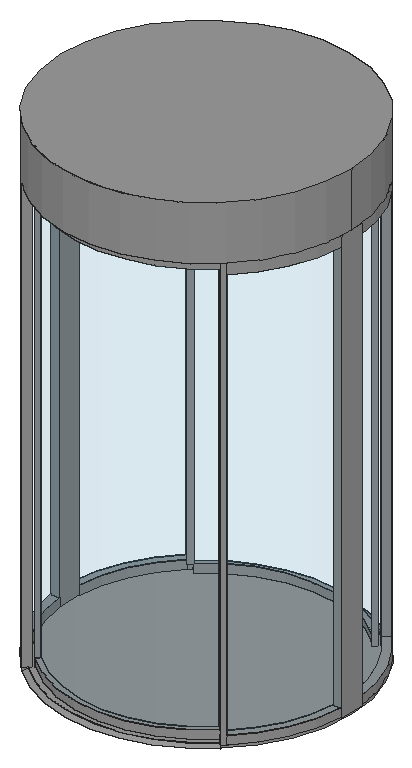
Revit family "C3-R-SD", category Doors, host Wall, Revit 2017
Family settings
  Host = Wall
  OmniClass Number = 23.30.10.00
  OmniClass Title = Doors
  Always vertical = Yes
  Cut with Voids When Loaded = No
  Shared = No
  Room Calculation Point = No
Parameters (values of type "HUC STD")
  Radius = Width / 2  # 690.5 mm
  Weekly = "Refer to O&M Manual"
  WarrantyStartDate [instance] = ""
  WarrantyGuarantorParts = ""
  WarrantyGuarantorLabour = ""
  WarrantyDurationUnit = "N/A"
  WarrantyDurationParts = "N/A"
  WarrantyDurationLabour = "N/A"
  WarrantyDescription = "N/A"
  Warranty ID = ""
  Voltage = 0
  UsageCurrent = 0
  Unique Reference = ""
  Translucency = 0 mm
  ThermalTransmittanceWinter = 0 mm
  ThermalTransmittanceSummer = 0 mm
  ThermalTransmittance = 0
  Technical Description = ""
  TagNumber [instance] = ""
  SustainabilityPerformance = ""
  Supply Phase = 0
  StartCurrentFactor = 0
  SolarHeatGainTransmittance = 0 mm
  SmokeStop = no
  Size(HxWxD) = "2320x1381x1381"
  Shipping Weight = ""
  Shape = "circular"
  ServiceLifeType = ""
  ServiceLifeDuration [instance] = ""
  SerialNumber [instance] = ""
  SelfClosing = yes
  SecurityRating = ""
  Responsible Sourcing of Materials = ""
  Responsible Extraction of Materials = ""
  ReplacementCost = ""
  Reflectivity = 0 mm
  Reference = ""
  Quarterly = ""
  Product Range = "High Security Portals"
  Product Name = ""
  Product Model Number = ""
  Product Literature = ""
  Product URL = "https://www.alluserindustrie.com/cylindrical/C3/"
  PhaseReference = ""
  PhaseAngle = 0.00°
  Overall Width = Width  # 1381 mm
  Overall Length = 0 mm
  Overall Height = Height  # 2320 mm
  Operation and Maintenance Manual = ""
  NumberOfPoles = 0
  Number of Poles = 0
  NominalVoltage = 0
  NominalLength = 0 mm
  NominalFrequencyRange = 0
  NominalCurrent = 0
  NominalWidth = ""
  NominalHeight = ""
  Name = ""
  MotorEnclosureType = ""
  Monthly = "Refer to O&M Manual"
  ModelReference = ""
  ModelNumber = ""
  MaximumPowerOutput = 0
  Material = ""
  Manufacturer Country = "Italy"
  Manufacturer Website = "www.alluserindustrie.com"
  Manufacturer = "Alluser Industrie srl"
  LockedRotorCurrent = 0
  Location of Manufacturer = "Italy"
  Life Cycle Analysis = 0
  IsWired = yes
  IsTempered = no
  IsLaminated = yes
  IsGuarded  = yes
  IsExternal = yes
  IsCoated = yes
  InsulationStandardClass = ""
  Instruction Video = "https://www.youtube.com/watch?v=nNg_blPAJUQ"
  InstallationDate [instance] = ""
  Infiltration = 0
  IP_Code = ""
  HasProtectiveEarth = yes
  HasPartWinding = yes
  HasDrive = yes
  HandicapAccessible = yes
  Gross Weight = "730 Kg (with glass P2A UNI EN 356)"
  Green Guide for Specification = ""
  Grade = ""
  GlazingAreaFraction = 0
  GlassThickness3 = 0 mm
  GlassThickness2 = 0 mm
  GlassThickness1 = 11 mm
  GlassLayers = 1
  GlassColour = ""
  Function = Interior
  Frequency = ""
  FrameSize = ""
  FireRating = ""
  FireExit = yes
  Finish = ""
  FillGas = ""
  Features = ""
  Feature = "Anti Tailgating High Security portal - Cylindrical Shape"
  ExpectedLife = "Subjected to regular maintenance"
  Expected Life = "Subjected to regular maintenance"
  Environmental Product Declaration = ""
  Energy Technology List = ""
  Enclosure Rating = ""
  Embodied Carbon = ""
  ElectricalDeviceNominalPower = 35
  ElectricMotorEfficiency = 0
  EAN Code = ""
  Duration Unit = ""
  Design Country = "Italy"
  Description = "Anti Tailgating High Security portal - Cylindrical Shape"
  Daily = "Refer to O&M Manual"
  Analytic Construction = "<Nessuno>"
  Constituents = ""
  Colour = "PPC RAL 30% Gloss"
  CodePerformance = ""
  Category = ""
  CE Approval = yes
  BeamRadiationTransmittance = 0 mm
  Battery Type = ""
  Battery Supply = yes
  BarCode [instance] = ""
  AssetType = "Alluser Antitailgating High Security Portals"
  AssetIdentifier [instance] = "C3"
  Annually = "Refer to O&M Manual"
  Rough Height = 690.5 mm
  Height = 2320 mm
  Wall Closure = By host
  Width = 1381 mm
  AcousticRating = ""
  AccessibilityPerformance = ""
  Access Clearance Top = "Space above top (internal side) raccomanded 750 mm (min. 350 mm)"
  Access Clearance Right = 0 mm
  Access Clearance Rear = 0 mm
  Access Clearance Left = 0 mm
  Access Clearance Front = 0 mm
  Access Clearance Bottom = 0 mm
  6 Monthly = "Refer to O&M Manual"
Types (3, lengths in mm): name | SmokeStop | Size(HxWxD) | Overall Height | Location of Manufacturer | IsTempered | Gross Weight | GlassThickness1 | GlassLayers | ElectricalDeviceNominalPower | Height
  HUC STD | no | "2320x1381x1381" | 2320 | "Italy" | no | "730 Kg (with glass P2A UNI EN 356)" | 11 | 1 | 35 | 2320
  HUC 2134 | yes | "2406x1381x1381" | 2406 | "" | yes | "745 Kg (with glass P2A UNI EN 356)" | 0 | 0 | 0 | 2406
  HUC 2300 | yes | "2560x1381x1381" | 2560 | "" | yes | "760 Kg (with glass P2A UNI EN 356)" | 0 | 0 | 0 | 2560
Reference planes
  plane 1: y = 0
  plane 2 "Centro (Sinistra/Destra)": x = 0
  plane 3 "Sinistra": x = -690.5
  plane 4 "Destra": x = 690.5
  plane 5: z = 2320
  plane 6 "Esterni": y = 75
  plane 7 "Interno": y = -75
  plane 8: z = 12
  plane 9: z = 2060
  plane 10: through (0, 0, 1200) normal (0.7314, 0.682, 0)
  plane 11: through (0, 0, 1200) normal (0.7314, -0.682, 0)
  plane 12: z = 50
  plane 13: x = -33
  plane 14: x = 33
  plane 15: z = 2010
  plane 16: y = 57.205
  plane 17: y = -57.205
Forms (mm)
  Extrusion 1, solid, material "Zinco"
    sketch origin (0, 0, 0) x (1, 0, 0) y (0, 1, 0)
      loop
        circle (0, 0) r 690.5
    from 2060 to 2320
  Extrusion 2, solid, material "Zinco"
    sketch origin (0, 0, 0) x (1, 0, 0) y (0, 1, 0)
      loop
        arc (-470.92, 505) -> (-690.5, 0) -> (-470.92, -505) r 690.5
        line (-470.92, -505) -> (-456.846, -489.908)
        arc (-456.846, -489.908) -> (0, -666.933) -> (456.846, -489.908) r 678.001
        line (456.846, -489.908) -> (470.92, -505)
        arc (470.92, -505) -> (690.5, 0) -> (470.92, 505) r 690.5
        line (470.92, 505) -> (456.493, 489.529)
        arc (456.493, 489.529) -> (0, 666.414) -> (-456.493, 489.529) r 677.483
        line (-456.493, 489.529) -> (-470.92, 505)
    from 0 to 12
  Sweep 3, solid, material "Zinco"
    path in 3D
      loop
        arc (-470.92, -505, 0) -> (0, -690.5, 0) -> (470.92, -505, 0) r 690.5
    profile origin (0, -690.5, 0) x (0, 1, 0) y (0, 0, 1)
      loop
        line (0, 0) -> (23.1, 0) -> (23.1, 12) -> (0, 0)
  Sweep 4, solid, material "Zinco"
    path in 3D
      loop
        arc (470.92, 505, 0) -> (0, 690.5, 0) -> (-470.92, 505, 0) r 690.5
    profile origin (0, 690.5, 0) x (0, -1, 0) y (0, 0, 1)
      loop
        line (0, 0) -> (24.086, 0) -> (24.086, 12) -> (0, 0)
  Extrusion 5, solid, material "Zinco"
    sketch origin (4.767, 0.233, 0) x (1, 0, 0) y (0, 1, 0)
      loop
        line (-426.25, 451.752) -> (-441.531, 468.14) -> (-458.995, 450.676) -> (-443.16, 434.842) -> (-426.25, 451.752)
    from 50 to 2060
  Extrusion 6, solid, material "Zinco"
    sketch origin (-4.767, 0.233, 0) x (-1, 0, 0) y (0, -1, 0)
      loop
        line (-426.25, -451.752) -> (-443.16, -434.842) -> (-458.995, -450.676) -> (-441.531, -468.14) -> (-426.25, -451.752)
    from 12 to 2060
  Extrusion 7, solid, material "Zinco"
    sketch origin (4.767, -0.233, 0) x (1, 0, 0) y (0, 1, 0)
      loop
        line (-426.25, -451.752) -> (-443.16, -434.842) -> (-458.995, -450.676) -> (-441.531, -468.14) -> (-426.25, -451.752)
    from 12 to 2060
  Extrusion 8, solid, material "Zinco"
    sketch origin (-4.767, -0.233, 0) x (-1, 0, 0) y (0, -1, 0)
      loop
        line (-426.25, 451.752) -> (-441.531, 468.14) -> (-458.995, 450.676) -> (-443.16, 434.842) -> (-426.25, 451.752)
    from 12 to 2060
  Extrusion 9, solid, material "Zinco"
    sketch origin (0, 0, 0) x (1, 0, 0) y (0, 1, 0)
      loop
        line (-470.92, 505) -> (-488.904, 487.609) -> (-461.434, 460.139) -> (-444.695, 476.877) -> (-470.92, 505)
    from 12 to 2060
  Extrusion 10, solid, material "Zinco"
    sketch origin (0, 0, 0) x (1, 0, 0) y (0, 1, 0)
      loop
        line (-470.92, -505) -> (-444.425, -476.587) -> (-461.434, -460.139) -> (-488.904, -487.609) -> (-470.92, -505)
    from 12 to 2060
  Extrusion 11, solid, material "Zinco"
    sketch origin (0, 0, 0) x (1, 0, 0) y (0, 1, 0)
      loop
        arc (-488.904, 487.609) -> (-626.628, 290.048) -> (-688.126, 57.205) r 690.5
        line (-688.126, 57.205) -> (-649.135, 57.205)
        arc (-649.135, 57.205) -> (-590.703, 275.171) -> (-461.434, 460.139) r 651.651
        line (-461.434, 460.139) -> (-488.904, 487.609)
      loop
        line (-649.135, -57.205) -> (-690.5, -57.205)
        arc (-690.5, -57.205) -> (-626.861, -289.812) -> (-488.904, -487.609) r 708.649
        line (-488.904, -487.609) -> (-461.434, -460.139)
        arc (-461.434, -460.139) -> (-590.703, -275.171) -> (-649.135, -57.205) r 651.651
    from 0 to 50
  Extrusion 12, solid, material "Zinco"
    sketch origin (0, 0, 0) x (1, 0, 0) y (0, 1, 0)
      loop
        arc (-488.904, 487.609) -> (-626.628, 290.048) -> (-688.126, 57.205) r 690.5
        line (-688.126, 57.205) -> (-649.135, 57.205)
        arc (-649.135, 57.205) -> (-590.703, 275.171) -> (-461.434, 460.139) r 651.651
        line (-461.434, 460.139) -> (-488.904, 487.609)
      loop
        arc (-690.5, -57.205) -> (-626.861, -289.812) -> (-488.904, -487.609) r 708.649
        line (-488.904, -487.609) -> (-461.434, -460.139)
        arc (-461.434, -460.139) -> (-590.703, -275.171) -> (-649.135, -57.205) r 651.651
        line (-649.135, -57.205) -> (-690.5, -57.205)
    from 2010 to 2060
  Extrusion 13, solid, material "Vetro"
    sketch origin (0, 0, 0) x (1, 0, 0) y (0, 1, 0)
      loop
        arc (-488.904, 487.609) -> (-626.628, 290.048) -> (-688.126, 57.205) r 690.5
        line (-688.126, 57.205) -> (-649.135, 57.205)
        arc (-649.135, 57.205) -> (-590.703, 275.171) -> (-461.434, 460.139) r 651.651
        line (-461.434, 460.139) -> (-488.904, 487.609)
      loop
        line (-649.135, -57.205) -> (-690.5, -57.205)
        arc (-690.5, -57.205) -> (-626.861, -289.812) -> (-488.904, -487.609) r 708.649
        line (-488.904, -487.609) -> (-461.434, -460.139)
        arc (-461.434, -460.139) -> (-590.703, -275.171) -> (-649.135, -57.205) r 651.651
    from 50 to 2010
  Extrusion 14, solid, material "Zinco"
    sketch origin (0, 0, 0) x (-1, 0, 0) y (0, -1, 0)
      loop
        line (-470.92, -505) -> (-444.566, -476.738) -> (-460.767, -460.537) -> (-488.363, -488.133) -> (-470.92, -505)
    from 12 to 2060
  Extrusion 15, solid, material "Zinco"
    sketch origin (0, 0, 0) x (-1, 0, 0) y (0, -1, 0)
      loop
        line (-470.92, 505) -> (-488.904, 487.609) -> (-461.434, 460.139) -> (-444.425, 476.587) -> (-470.92, 505)
    from 12 to 2060
  Extrusion 16, solid, material "Zinco"
    sketch origin (0, 0, 0) x (1, 0, 0) y (0, 1, 0)
      loop
        arc (460.767, 460.537) -> (590.407, 275.273) -> (650.201, 57.205) r 662.592
        line (650.201, 57.205) -> (688.126, 57.205)
        arc (688.126, 57.205) -> (626.47, 290.389) -> (488.363, 488.133) r 690.382
        line (488.363, 488.133) -> (460.767, 460.537)
      loop
        arc (650.201, -57.205) -> (590.639, -274.985) -> (461.434, -460.139) r 662.835
        line (461.434, -460.139) -> (488.904, -487.609)
        arc (488.904, -487.609) -> (626.628, -290.048) -> (688.126, -57.205) r 690.5
        line (688.126, -57.205) -> (650.201, -57.205)
    from 12 to 50
  Extrusion 17, solid, material "Zinco"
    sketch origin (0, 0, 0) x (1, 0, 0) y (0, 1, 0)
      loop
        line (650.201, 57.205) -> (688.126, 57.205)
        arc (688.126, 57.205) -> (626.47, 290.389) -> (488.363, 488.133) r 690.382
        line (488.363, 488.133) -> (460.767, 460.537)
        arc (460.767, 460.537) -> (590.407, 275.273) -> (650.201, 57.205) r 662.592
      loop
        arc (650.201, -57.205) -> (590.639, -274.985) -> (461.434, -460.139) r 662.835
        line (461.434, -460.139) -> (488.904, -487.609)
        arc (488.904, -487.609) -> (626.384, -289.589) -> (690.5, -57.205) r 717.329
        line (690.5, -57.205) -> (650.201, -57.205)
    from 2010 to 2060
  Extrusion 18, solid, material "Vetro"
    sketch origin (0, 0, 0) x (1, 0, 0) y (0, 1, 0)
      loop
        line (488.363, 488.133) -> (460.767, 460.537)
        arc (460.767, 460.537) -> (590.407, 275.273) -> (650.201, 57.205) r 662.592
        line (650.201, 57.205) -> (688.126, 57.205)
        arc (688.126, 57.205) -> (626.47, 290.389) -> (488.363, 488.133) r 690.382
      loop
        line (461.434, -460.139) -> (488.904, -487.609)
        arc (488.904, -487.609) -> (626.628, -290.048) -> (688.126, -57.205) r 690.5
        line (688.126, -57.205) -> (650.201, -57.205)
        arc (650.201, -57.205) -> (590.639, -274.985) -> (461.434, -460.139) r 662.835
    from 50 to 2010
  Extrusion 19, solid, material "Zinco"
    sketch origin (0, 0, 0) x (1, 0, 0) y (0, 1, 0)
      loop
        line (-436.764, 468.373) -> (-420.913, 452.521)
        arc (-420.913, 452.521) -> (0, 619.133) -> (420.913, 452.521) r 614.985
        line (420.913, 452.521) -> (436.764, 468.373)
        arc (436.764, 468.373) -> (0, 641.241) -> (-436.764, 468.373) r 638.192
    from 0 to 50
  Extrusion 20, solid, material "Zinco"
    sketch origin (0, 0, 0) x (1, 0, 0) y (0, 1, 0)
      loop
        line (-436.764, 468.373) -> (-420.913, 452.521)
        arc (-420.913, 452.521) -> (0, 619.133) -> (420.913, 452.521) r 614.985
        line (420.913, 452.521) -> (436.764, 468.373)
        arc (436.764, 468.373) -> (0, 641.241) -> (-436.764, 468.373) r 638.192
    from 2010 to 2060
  Extrusion 21, solid, material "Vetro"
    sketch origin (0, 0, 0) x (1, 0, 0) y (0, 1, 0)
      loop
        line (-436.764, 468.373) -> (-420.913, 452.521)
        arc (-420.913, 452.521) -> (0, 619.133) -> (420.913, 452.521) r 614.985
        line (420.913, 452.521) -> (436.764, 468.373)
        arc (436.764, 468.373) -> (0, 641.241) -> (-436.764, 468.373) r 638.192
    from 50 to 2010
  Extrusion 22, solid, material "Zinco"
    sketch origin (0, 0, 0) x (1, 0, 0) y (0, 1, 0)
      loop
        line (-690.5, 57.205) -> (-690.5, -57.205) -> (-649.135, -57.205) -> (-649.135, 57.205) -> (-690.5, 57.205)
    from 12 to 2060
  Extrusion 23, solid, material "Zinco"
    sketch origin (0, 0, 0) x (-1, 0, 0) y (0, -1, 0)
      loop
        line (-690.5, -57.205) -> (-650.201, -57.205) -> (-650.201, 57.205) -> (-690.5, 57.205) -> (-690.5, -57.205)
    from 12 to 2060
  Extrusion 24, solid, material "Zinco"
    sketch origin (0, 0, 0) x (1, 0, 0) y (0, 1, 0)
      loop
        arc (-436.764, -468.373) -> (0.052, -641.241) -> (436.868, -468.373) r 638.323
        line (436.868, -468.373) -> (421.986, -452.521)
        arc (421.986, -452.521) -> (0.537, -619.133) -> (-420.913, -452.521) r 616.34
        line (-420.913, -452.521) -> (-436.764, -468.373)
    from 12 to 50
  Extrusion 25, solid, material "Zinco"
    sketch origin (0, 0, 0) x (1, 0, 0) y (0, 1, 0)
      loop
        arc (-436.764, -468.373) -> (0.537, -641.241) -> (437.838, -468.373) r 639.548
        line (437.838, -468.373) -> (421.986, -452.521)
        arc (421.986, -452.521) -> (0.537, -619.133) -> (-420.913, -452.521) r 616.34
        line (-420.913, -452.521) -> (-436.764, -468.373)
    from 2010 to 2060
  Extrusion 26, solid, material "Vetro"
    sketch origin (0, 0, 0) x (1, 0, 0) y (0, 1, 0)
      loop
        arc (-436.764, -468.373) -> (0.049, -641.241) -> (436.862, -468.373) r 638.315
        line (436.862, -468.373) -> (421.986, -452.521)
        arc (421.986, -452.521) -> (0.536, -619.133) -> (-420.913, -452.521) r 616.34
        line (-420.913, -452.521) -> (-436.764, -468.373)
    from 50 to 2010
Lines and regions (mm)
  Opening 1
    outline origin (-3050, -75, 0) x (1, 0, 0) y (0, 0, 1)
      loop
        line (2359.5, 0) -> (3740.5, 0) -> (3740.5, 2320) -> (2359.5, 2320) -> (2359.5, 0)
  reference lines
    curve 1: arc (470.92, 505, 0) -> (0, 690.5, 0) -> (-470.92, 505, 0) r 690.5
    curve 2: arc (-470.92, -505, 0) -> (0, -690.5, 0) -> (470.92, -505, 0) r 690.5
    curve 5: arc (-436.764, 468.373, 0) -> (0, 641.241, 0) -> (436.764, 468.373, 0) r 638.192
    curve 6: arc (-421.483, 451.985, 0) -> (0, 619.133, 0) -> (421.483, 451.985, 0) r 614.985
    curve 7: arc (-436.764, -468.373, 0) -> (0, -641.241, 0) -> (436.764, -468.373, 0) r 638.192
    curve 8: arc (-421.483, -451.985, 0) -> (0, -619.133, 0) -> (421.483, -451.985, 0) r 614.985
    curve 9: circle (0, 0, 0) r 690.5 normal (0, 0, 1)
    curve 10: circle (0, 0, 0) r 651.651 normal (0, 0, 1)
  sketch lines
    curve 3: arc (-470.92, -505, 0) -> (0, -690.5, 0) -> (470.92, -505, 0) r 690.5
    curve 4: arc (470.92, 505, 0) -> (0, 690.5, 0) -> (-470.92, 505, 0) r 690.5
Text (mm)
  text "Exterior" at (-2295.016, 1099.543, 0), in view "Ref. Level"
  text "Exterior" at (0, 1615.38, 3698.081), in view "Sinistra"
  text "Exterior" at (0, 1036.032, 3874.932), in view "Destra"
Dimensions and locks
  equal spacing: plane 3 "Sinistra", plane 2 "Centro (Sinistra/Destra)", plane 4 "Destra"
  "Width": plane 3 "Sinistra" to plane 4 "Destra"
  "Height": plane 5 to host wall
  host wall to plane 5 = 2320 mm  (x2)
  locked: plane 6 "Esterni" to host wall at 0
  locked: plane 7 "Interno" to host wall
  level to plane 8 = 12 mm
  level to plane 9 = 2060 mm
  locked: plane 9 to plane 5 at 260
  locked: plane 11 to Extrusion 5 at 617.636
  locked: level to plane 12 at 50
  plane 13 to plane 14 = 66 mm
  plane 15 to plane 9 = 50 mm
  equal spacing: plane 13, plane 2 "Centro (Sinistra/Destra)", plane 14
  locked: plane 11 to Extrusion 7 at 617.636
  locked: plane 11 to Extrusion 8 at 617.636
  equal spacing: plane 16, host wall, plane 17, locked at 57.205 each
  "Radius": radius of Extrusion 2 sketch curve  (x2)
  "Radius": radius of curve 1
  "Radius": radius of curve 2
  "Radius": radius of curve 9
  angle plane 10 to host wall = 47.00°
  angle host wall to plane 11 = 47.00°
  aligned and locked: plane 3 "Sinistra" to Opening 1 sketch curve
  aligned and locked: plane 5 to Opening 1 sketch curve  (x2)
  aligned and locked: Opening 1 sketch curve to plane 4 "Destra"
  aligned and locked: Opening 1 sketch curve to level
  aligned and locked: plane 1 to host wall
  aligned and locked: Extrusion 1 to host wall
  aligned and locked: Extrusion 1 to plane 9
  aligned and locked: Extrusion 2 sketch curve to plane 10
  aligned and locked: plane 11 to Extrusion 2 sketch curve  (x2)
  aligned and locked: plane 10 to Extrusion 2 sketch curve
  aligned and locked: plane 10 to Extrusion 5
  aligned and locked: curve 5 to Extrusion 5
  aligned and locked: Extrusion 5 to curve 6
  aligned and locked: Extrusion 5 to Extrusion 1
  aligned and locked: Extrusion 6 to plane 8
  aligned and locked: Extrusion 6 to Extrusion 1
  aligned and locked: plane 11 to Extrusion 7
  aligned and locked: Extrusion 8 to plane 10
  aligned and locked: Extrusion 7 to Extrusion 1
  aligned and locked: Extrusion 7 to plane 8
  aligned and locked: Extrusion 8 to plane 8
  aligned and locked: Extrusion 9 sketch curve to Sweep 4
  aligned and locked: Extrusion 9 to Extrusion 1
  aligned and locked: Extrusion 9 to plane 8
  aligned and locked: plane 11 to Extrusion 10 sketch curve
  aligned and locked: Extrusion 10 to Extrusion 1
  aligned and locked: Extrusion 10 to plane 8
  aligned and locked: Extrusion 9 to Extrusion 11 sketch curve
  aligned and locked: Extrusion 11 sketch curve to Extrusion 9
  aligned and locked: Extrusion 11 sketch curve to plane 16
  aligned and locked: Extrusion 10 to Extrusion 11 sketch curve
  aligned and locked: Extrusion 11 sketch curve to Extrusion 10
  aligned and locked: Extrusion 11 to Extrusion 5
  aligned and locked: Extrusion 9 to Extrusion 12 sketch curve
  aligned and locked: Extrusion 12 sketch curve to Extrusion 9
  aligned and locked: Extrusion 12 sketch curve to Extrusion 11  (x2)
  aligned and locked: Extrusion 12 sketch curve to Extrusion 10  (x2)
  aligned and locked: Extrusion 12 to Extrusion 1
  aligned and locked: Extrusion 9 to Extrusion 13 sketch curve
  aligned and locked: Extrusion 13 sketch curve to Extrusion 9
  aligned and locked: Extrusion 13 sketch curve to Extrusion 11  (x2)
  aligned and locked: Extrusion 10 to Extrusion 13 sketch curve
  aligned and locked: Extrusion 13 sketch curve to Extrusion 10
  aligned and locked: Extrusion 5 to Extrusion 13
  aligned and locked: Extrusion 14 to plane 11
  aligned and locked: Extrusion 15 to Extrusion 1
  aligned and locked: Extrusion 15 to plane 8
  aligned and locked: Extrusion 14 to Extrusion 1
  aligned and locked: Extrusion 15 to Extrusion 2
  aligned and locked: Extrusion 14 to Extrusion 16 sketch curve
  aligned and locked: Extrusion 16 sketch curve to Extrusion 14
  aligned and locked: Extrusion 16 sketch curve to Extrusion 15  (x2)
  aligned and locked: Extrusion 16 to plane 8
  aligned and locked: Extrusion 17 sketch curve to Extrusion 15  (x2)
  aligned and locked: Extrusion 14 to Extrusion 17 sketch curve
  aligned and locked: Extrusion 17 sketch curve to Extrusion 14
  aligned and locked: Extrusion 17 to Extrusion 1
  aligned and locked: Extrusion 18 sketch curve to Extrusion 14  (x2)
  aligned and locked: Extrusion 18 sketch curve to Extrusion 15  (x2)
  aligned and locked: Extrusion 18 to Extrusion 5
  aligned and locked: Extrusion 19 sketch curve to Extrusion 5
  aligned and locked: Extrusion 19 sketch curve to curve 5  (x2)
  aligned and locked: Extrusion 6 to Extrusion 19 sketch curve
  aligned and locked: Extrusion 19 to Extrusion 5
  aligned and locked: Extrusion 20 sketch curve to Extrusion 5
  aligned and locked: Extrusion 20 sketch curve to Extrusion 19  (x3)
  aligned and locked: Extrusion 20 to Extrusion 1
  aligned and locked: Extrusion 20 to plane 15
  aligned and locked: Extrusion 21 sketch curve to Extrusion 5
  aligned and locked: Extrusion 21 sketch curve to Extrusion 19  (x2)
  aligned and locked: Extrusion 6 to Extrusion 21 sketch curve
  aligned and locked: plane 15 to Extrusion 21
  aligned and locked: Extrusion 5 to Extrusion 21
  aligned and locked: plane 15 to Extrusion 13
  aligned and locked: plane 15 to Extrusion 18
  aligned and locked: Extrusion 7 to Extrusion 24 sketch curve
  aligned and locked: Extrusion 24 sketch curve to curve 7
  aligned and locked: curve 8 to Extrusion 24 sketch curve
  aligned and locked: Extrusion 24 to plane 8
  aligned and locked: Extrusion 24 to Extrusion 5
  aligned and locked: Extrusion 7 to Extrusion 25 sketch curve
  aligned and locked: Extrusion 25 sketch curve to Extrusion 24
  aligned and locked: Extrusion 25 to Extrusion 1
  aligned and locked: Extrusion 25 to plane 15
  aligned and locked: curve 8 to Extrusion 26 sketch curve
  aligned and locked: plane 15 to Extrusion 26
  aligned and locked: Extrusion 5 to Extrusion 26
  aligned and locked: Extrusion 12 to plane 15
  aligned and locked: Extrusion 17 to plane 15
  aligned and locked: Extrusion 23 to Extrusion 1
  aligned and locked: plane 9 to Extrusion 23
  aligned and locked: Extrusion 8 to Extrusion 1
  aligned and locked: Extrusion 22 to Extrusion 1
Automatic sketch dimensions
  host wall to Extrusion 1 sketch curve = 0 mm
  Extrusion 1 sketch curve to plane 2 "Centro (Sinistra/Destra)" = 0 mm
  curve 1 to curve 2 = 0 mm  (x2)
  curve 1 to curve 9 = 0 mm  (x2)
  curve 1 to curve 10 = 0 mm  (x2)
  curve 2 to curve 9 = 0 mm  (x2)
  curve 2 to curve 10 = 0 mm  (x2)
  curve 9 to curve 10 = 0 mm  (x2)
  curve 1 to plane 10 = 0 mm
  plane 11 to curve 2 = 0 mm
  curve 5 to plane 10 = 0 mm
  plane 11 to curve 7 = 0 mm
  curve 6 to plane 10 = 0 mm
  plane 11 to curve 8 = 0 mm
  host wall to curve 9 = 0 mm
  curve 9 to plane 2 "Centro (Sinistra/Destra)" = 0 mm
  curve 8 to plane 2 "Centro (Sinistra/Destra)" = 0 mm
  curve 6 to plane 2 "Centro (Sinistra/Destra)" = 0 mm
  curve 5 to plane 2 "Centro (Sinistra/Destra)" = 0 mm
  curve 7 to plane 2 "Centro (Sinistra/Destra)" = 0 mm
  curve 8 to plane 10 = 0 mm
  plane 11 to curve 6 = 0 mm
  plane 11 to curve 5 = 0 mm
  curve 7 to plane 10 = 0 mm
  plane 11 to curve 1 = 0 mm
  curve 2 to plane 10 = 0 mm
  host wall to curve 8 = 4.148 mm
  curve 8 to curve 7 = 1.099 mm
  curve 10 to curve 5 = 3.049 mm
  curve 5 to curve 6 = 1.099 mm
  curve 1 to curve 5 = 34.155 mm
  curve 2 to curve 7 = 34.155 mm
  curve 5 to curve 6 = 15.281 mm
  curve 7 to curve 8 = 15.281 mm
  Extrusion 2 sketch curve to Extrusion 2 sketch curve = 0 mm  (x2)
  Extrusion 2 sketch curve to plane 2 "Centro (Sinistra/Destra)" = 0 mm  (x3)
  host wall to Extrusion 2 sketch curve = 0 mm
  Extrusion 2 sketch curve to Extrusion 2 sketch curve = 14.074 mm
  Extrusion 2 sketch curve to Extrusion 2 sketch curve = 14.427 mm
  host wall to Extrusion 2 sketch curve = 11.068 mm
  Extrusion 2 sketch curve to host wall = 11.068 mm
  Sweep 3 sketch curve to profile plane = 0 mm  (x2)
  Sweep 3 sketch curve to profile plane = 23.1 mm
  Sweep 3 sketch curve to Sweep 3 sketch curve = 12 mm
  Sweep 4 sketch curve to profile plane = 0 mm  (x2)
  profile plane to Sweep 4 sketch curve = 12 mm
  Sweep 4 sketch curve to profile plane = 24.086 mm
  Extrusion 5 sketch curve to plane 10 = 0 mm  (x2)
  Extrusion 5 sketch curve to plane 3 "Sinistra" = 236.272 mm
  Extrusion 5 sketch curve to Extrusion 5 sketch curve = 15.834 mm
  Extrusion 5 sketch curve to Extrusion 5 sketch curve = 17.463 mm
  Extrusion 5 sketch curve to host wall = 451.985 mm
  plane 11 to Extrusion 6 sketch curve = 0 mm  (x2)
  Extrusion 6 sketch curve to plane 4 "Destra" = 236.272 mm
  Extrusion 6 sketch curve to Extrusion 6 sketch curve = 15.834 mm
  Extrusion 6 sketch curve to Extrusion 6 sketch curve = 17.463 mm
  host wall to Extrusion 6 sketch curve = 451.985 mm
  plane 11 to Extrusion 7 sketch curve = 0 mm  (x2)
  plane 3 "Sinistra" to Extrusion 7 sketch curve = 236.272 mm
  Extrusion 7 sketch curve to Extrusion 7 sketch curve = 15.834 mm
  Extrusion 7 sketch curve to Extrusion 7 sketch curve = 17.463 mm
  Extrusion 7 sketch curve to host wall = 451.985 mm
  Extrusion 8 sketch curve to plane 10 = 0 mm  (x2)
  plane 4 "Destra" to Extrusion 8 sketch curve = 236.272 mm
  Extrusion 8 sketch curve to Extrusion 8 sketch curve = 15.834 mm
  Extrusion 8 sketch curve to Extrusion 8 sketch curve = 17.463 mm
  host wall to Extrusion 8 sketch curve = 451.985 mm
  Extrusion 9 sketch curve to plane 3 "Sinistra" = 201.596 mm
  Extrusion 9 sketch curve to Extrusion 9 sketch curve = 17.984 mm
  Extrusion 9 sketch curve to Extrusion 9 sketch curve = 27.47 mm
  Extrusion 9 sketch curve to Extrusion 9 sketch curve = 16.739 mm  (x2)
  plane 3 "Sinistra" to Extrusion 10 sketch curve = 201.596 mm
  Extrusion 10 sketch curve to Extrusion 10 sketch curve = 17.984 mm
  Extrusion 10 sketch curve to Extrusion 10 sketch curve = 27.47 mm
  Extrusion 10 sketch curve to Extrusion 10 sketch curve = 17.009 mm
  Extrusion 10 sketch curve to Extrusion 10 sketch curve = 16.448 mm
  Extrusion 10 sketch curve to Extrusion 10 sketch curve = 17.39 mm
  Extrusion 11 sketch curve to Extrusion 11 sketch curve = 0 mm  (x4)
  host wall to Extrusion 11 sketch curve = 0 mm
  Extrusion 11 sketch curve to plane 2 "Centro (Sinistra/Destra)" = 0 mm
  Extrusion 11 sketch curve to Extrusion 11 sketch curve = 38.991 mm
  Extrusion 11 sketch curve to Extrusion 11 sketch curve = 27.47 mm
  Extrusion 11 sketch curve to host wall = 10.772 mm
  Extrusion 12 sketch curve to Extrusion 12 sketch curve = 0 mm  (x4)
  host wall to Extrusion 12 sketch curve = 0 mm
  Extrusion 12 sketch curve to plane 3 "Sinistra" = 41.365 mm
  Extrusion 12 sketch curve to Extrusion 12 sketch curve = 38.991 mm
  Extrusion 12 sketch curve to host wall = 10.772 mm
  Extrusion 13 sketch curve to Extrusion 13 sketch curve = 0 mm  (x10)
  Extrusion 13 sketch curve to plane 3 "Sinistra" = 0 mm
  Extrusion 13 sketch curve to Extrusion 13 sketch curve = 38.991 mm
  Extrusion 13 sketch curve to Extrusion 13 sketch curve = 27.47 mm
  Extrusion 13 sketch curve to host wall = 10.772 mm
  plane 11 to Extrusion 14 sketch curve = 0 mm  (x2)
  Extrusion 14 sketch curve to plane 4 "Destra" = 202.137 mm
  Extrusion 14 sketch curve to Extrusion 14 sketch curve = 17.443 mm
  Extrusion 14 sketch curve to Extrusion 14 sketch curve = 27.596 mm
  Extrusion 14 sketch curve to Extrusion 14 sketch curve = 16.201 mm  (x2)
  Extrusion 15 sketch curve to plane 10 = 0 mm  (x2)
  plane 4 "Destra" to Extrusion 15 sketch curve = 201.596 mm
  Extrusion 15 sketch curve to Extrusion 15 sketch curve = 17.984 mm
  Extrusion 15 sketch curve to Extrusion 15 sketch curve = 27.47 mm
  Extrusion 15 sketch curve to Extrusion 15 sketch curve = 17.009 mm
  Extrusion 15 sketch curve to Extrusion 15 sketch curve = 16.448 mm
  Extrusion 15 sketch curve to Extrusion 15 sketch curve = 17.39 mm
  host wall to Extrusion 16 sketch curve = 0 mm
  Extrusion 16 sketch curve to plane 2 "Centro (Sinistra/Destra)" = 0 mm
  Extrusion 16 sketch curve to plane 2 "Centro (Sinistra/Destra)" = 9.593 mm
  Extrusion 16 sketch curve to host wall = 0.032 mm
  plane 2 "Centro (Sinistra/Destra)" to Extrusion 16 sketch curve = 0.115 mm
  Extrusion 16 sketch curve to Extrusion 16 sketch curve = 27.596 mm
  Extrusion 16 sketch curve to Extrusion 16 sketch curve = 27.47 mm
  Extrusion 16 sketch curve to Extrusion 16 sketch curve = 37.925 mm
  host wall to Extrusion 16 sketch curve = 6.407 mm
  Extrusion 17 sketch curve to host wall = 0.032 mm
  plane 2 "Centro (Sinistra/Destra)" to Extrusion 17 sketch curve = 0.115 mm
  host wall to Extrusion 17 sketch curve = 6.407 mm
  Extrusion 17 sketch curve to plane 2 "Centro (Sinistra/Destra)" = 9.593 mm
  plane 13 to Extrusion 17 sketch curve = 9.782 mm
  Extrusion 17 sketch curve to Extrusion 17 sketch curve = 27.596 mm
  host wall to Extrusion 17 sketch curve = 487.609 mm
  Extrusion 17 sketch curve to host wall = 6.213 mm
  host wall to Extrusion 18 sketch curve = 0 mm
  Extrusion 18 sketch curve to plane 2 "Centro (Sinistra/Destra)" = 0 mm
  Extrusion 18 sketch curve to plane 2 "Centro (Sinistra/Destra)" = 9.33 mm
  Extrusion 18 sketch curve to host wall = 6.213 mm
  Extrusion 18 sketch curve to host wall = 0.032 mm
  plane 2 "Centro (Sinistra/Destra)" to Extrusion 18 sketch curve = 0.115 mm
  Extrusion 18 sketch curve to host wall = 460.537 mm
  plane 4 "Destra" to Extrusion 18 sketch curve = 2.374 mm
  plane 17 to Extrusion 16 sketch curve = 0 mm
  Extrusion 16 sketch curve to plane 16 = 0 mm
  Extrusion 16 sketch curve to plane 2 "Centro (Sinistra/Destra)" = 9.33 mm
  Extrusion 17 sketch curve to plane 16 = 0 mm
  plane 17 to Extrusion 17 sketch curve = 0 mm
  Extrusion 17 sketch curve to plane 4 "Destra" = 0 mm
  Extrusion 17 sketch curve to plane 2 "Centro (Sinistra/Destra)" = 9.33 mm
  Extrusion 18 sketch curve to plane 16 = 0 mm
  plane 17 to Extrusion 18 sketch curve = 0 mm
  Extrusion 18 sketch curve to plane 2 "Centro (Sinistra/Destra)" = 9.593 mm
  Extrusion 18 sketch curve to Extrusion 18 sketch curve = 37.925 mm
  Extrusion 11 sketch curve to plane 3 "Sinistra" = 0 mm
  plane 17 to Extrusion 11 sketch curve = 0 mm
  Extrusion 11 sketch curve to Extrusion 11 sketch curve = 41.365 mm
  Extrusion 12 sketch curve to plane 3 "Sinistra" = 0 mm
  plane 17 to Extrusion 12 sketch curve = 0 mm
  plane 17 to Extrusion 13 sketch curve = 0 mm
  host wall to Extrusion 13 sketch curve = 0 mm
  Extrusion 19 sketch curve to plane 2 "Centro (Sinistra/Destra)" = 0 mm
  Extrusion 19 sketch curve to Extrusion 19 sketch curve = 15.851 mm  (x3)
  Extrusion 19 sketch curve to host wall = 4.148 mm
  Extrusion 19 sketch curve to Extrusion 19 sketch curve = 1.099 mm
  Extrusion 20 sketch curve to plane 2 "Centro (Sinistra/Destra)" = 0 mm  (x2)
  Extrusion 20 sketch curve to host wall = 4.148 mm
  Extrusion 20 sketch curve to Extrusion 20 sketch curve = 1.099 mm
  Extrusion 21 sketch curve to plane 2 "Centro (Sinistra/Destra)" = 0 mm
  Extrusion 21 sketch curve to Extrusion 21 sketch curve = 15.851 mm
  Extrusion 21 sketch curve to host wall = 4.148 mm
  Extrusion 21 sketch curve to Extrusion 21 sketch curve = 1.099 mm
  Extrusion 22 sketch curve to plane 3 "Sinistra" = 0 mm
  plane 17 to Extrusion 22 sketch curve = 0 mm
  Extrusion 22 sketch curve to plane 16 = 0 mm
  Extrusion 22 sketch curve to Extrusion 22 sketch curve = 41.365 mm
  Extrusion 23 sketch curve to plane 4 "Destra" = 0 mm
  plane 17 to Extrusion 23 sketch curve = 0 mm
  Extrusion 23 sketch curve to plane 16 = 0 mm
  Extrusion 23 sketch curve to plane 4 "Destra" = 40.299 mm
  Extrusion 24 sketch curve to Extrusion 24 sketch curve = 15.851 mm
  plane 2 "Centro (Sinistra/Destra)" to Extrusion 24 sketch curve = 0.052 mm
  Extrusion 24 sketch curve to Extrusion 24 sketch curve = 0.485 mm
  plane 4 "Destra" to Extrusion 24 sketch curve = 268.514 mm
  host wall to Extrusion 24 sketch curve = 2.918 mm
  Extrusion 24 sketch curve to Extrusion 24 sketch curve = 0.125 mm
  Extrusion 24 sketch curve to Extrusion 24 sketch curve = 14.882 mm
  plane 2 "Centro (Sinistra/Destra)" to Extrusion 25 sketch curve = 0.537 mm  (x2)
  host wall to Extrusion 25 sketch curve = 2.793 mm
  Extrusion 25 sketch curve to Extrusion 25 sketch curve = 1.099 mm
  Extrusion 25 sketch curve to Extrusion 25 sketch curve = 15.851 mm  (x3)
  plane 11 to Extrusion 26 sketch curve = 0 mm
  Extrusion 26 sketch curve to plane 3 "Sinistra" = 269.587 mm
  plane 2 "Centro (Sinistra/Destra)" to Extrusion 26 sketch curve = 0.049 mm
  Extrusion 26 sketch curve to Extrusion 26 sketch curve = 0.488 mm
  plane 4 "Destra" to Extrusion 26 sketch curve = 268.514 mm
  host wall to Extrusion 26 sketch curve = 2.926 mm
  Extrusion 26 sketch curve to Extrusion 26 sketch curve = 0.133 mm
  Extrusion 26 sketch curve to Extrusion 26 sketch curve = 15.851 mm
  Extrusion 26 sketch curve to Extrusion 26 sketch curve = 14.876 mm
  radius of Extrusion 1 sketch curve = 690.5 mm
  radius of curve 10 = 651.651 mm
Nested families
  nested 1: "C3-R-SD-Top-View" at (0, 0, 0), type "C3-R-SD-Top-View"
Definition of nested family "C3-R-SD-Top-View"
  Reference planes
    plane 1 "Centro (Fronte/Retro)": y = 0
    plane 2: z = 0
    plane 3 "Centro (Sinistra/Destra)": x = 0
